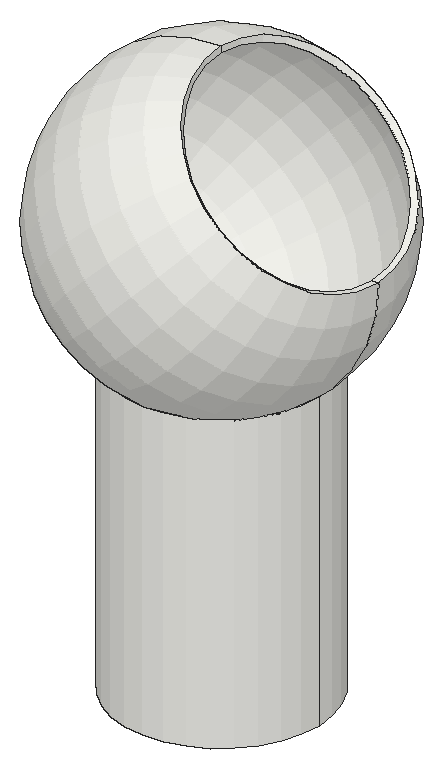
Revit family
Parameters (values of type "300 watt Incandescent")
  Wattage = 300 W
  built-in parameter 1150110 = 1 (stored number, unit not read)
  built-in parameter 1114217 = 1 (stored number, unit not read)
  built-in parameter 1150109 = 1 (stored number, unit not read)
  built-in parameter 1150134 = 4
  built-in parameter 1150113 = 1 (stored number, unit not read)
  Tilt Angle = 45.00°
  built-in parameter 1010507 = 1.5708 (stored number, unit not read)
  built-in parameter 1010506 = 0.5236 (stored number, unit not read)
  built-in parameter 1150105 = 12036.8 (stored number, unit not read)
  built-in parameter 1150115 = 1 (stored number, unit not read)
  Light Source Symbol Length = 2000 mm
  built-in parameter 1150137 = (empty or 0)
  built-in parameter 1150139 = (empty or 0)
  built-in parameter 1150112 = 1 (stored number, unit not read)
  built-in parameter 1150114 = 1 (stored number, unit not read)
  Lamp = "PS-30"
  Lumens = 3600 lm
  Shade = Metal - Paint Finish - Ivory, Glossy
  Stand = Metal - Paint Finish - Ivory, Glossy
  Wattage Comments = "300"
  built-in parameter 1150132 = (empty or 0)
  built-in parameter 1150102 = (empty or 0)
  built-in parameter 1150107 = 2800 (stored number, unit not read)
  built-in parameter 1150138 = (empty or 0)
  built-in parameter 1150106 = 120.37 (stored number, unit not read)
  built-in parameter 1150104 = 1.1148 (stored number, unit not read)
  Dimming Lamp Color Temperature Shift = (empty or 0)
  Color Filter = 16777215
  built-in parameter 1114218 = 1 (stored number, unit not read)
  built-in parameter 1150133 = 10 (stored number, unit not read)
Types (3, lengths in mm): name | Wattage | built-in parameter 1150134 | built-in parameter 1150105 | Light Source Symbol Length | Lamp | Lumens | Shade | Wattage Comments | built-in parameter 1150107 | built-in parameter 1150106 | built-in parameter 1150104
  (no name) | 300 W | 4 | 12036.8 (stored number, unit not read) | 2000 | "PS-30" | 3600 lm | Metal - Paint Finish - Ivory, Glossy | "300" | 2800 (stored number, unit not read) | 120.37 (stored number, unit not read) | 1.1148 (stored number, unit not read)
  300 watt Incandescent | 300 W | 4 | 12036.8 (stored number, unit not read) | 2000 | "PS-30" | 3600 lm | Metal - Paint Finish - Ivory, Glossy | "300" | 2800 (stored number, unit not read) | 120.37 (stored number, unit not read) | 1.1148 (stored number, unit not read)
  175 watt Metal Halide | 175 W | 12 | 46810 (stored number, unit not read) | 3048 | "BT-28" | 14000 lm | Metal - Paint Finish - Dark Gray, Matte | "175" | 4000 (stored number, unit not read) | 468.1 (stored number, unit not read) | 7.4322 (stored number, unit not read)
Reference planes
  plane 1 "Light Source Axis": y = 0
  plane 2: z = 0
  plane 3 "Light Source Axis": x = 0
  plane 4 "Light Source Elevation": z = 431.8
Forms (mm)
  Extrusion 1, solid, material "Metal - Paint Finish - Ivory, Glossy" <- "Stand"
    sketch origin (0, 0, 0) x (1, 0, 0) y (0, 1, 0)
      loop
        circle (0, 0) r 101.6
      loop
        circle (0, 0) r 76.2
    from 0 to 304.8
  Revolve 2, solid, material "Metal - Paint Finish - Ivory, Glossy" <- "Shade"
    sketch origin (0, 0, 0) x (1, 0, 0) y (0, 0, 1)
      loop
        arc (0, 594.439) -> (-150.259, 494.039) -> (-115.003, 316.797) r 162.639
        line (-115.003, 316.797) -> (-110.513, 321.287)
        arc (-110.513, 321.287) -> (-144.393, 491.609) -> (0, 588.089) r 156.289
        line (0, 588.089) -> (0, 594.439)
      axis (-115.003, 316.797) -> (81.32, 513.12)
    angle from 0 to 360
Lines and regions (mm)
  symbolic lines
    curve 1: arc (163.606, 0, 0) -> (0, 163.606, 0) -> (-163.606, 0, 0) r 163.606
    curve 2: arc (-163.606, 0, 0) -> (0, -163.606, 0) -> (163.606, 0, 0) r 163.606
    curve 3: line (0, 26.672, 0) -> (200.224, 142.272, 0)
    curve 4: line (0, -22.013, 0) -> (198.998, -136.905, 0)
    curve 5: line (0, 26.672, 0) -> (0, -22.013, 0)
    curve 6: arc (200.224, 142.272, 0) -> (249.229, 2.466, 0) -> (198.998, -136.905, 0) r 221.16
Dimensions and locks
  aligned and locked: plane 1 "Light Source Axis" to imposter light
  aligned and locked: imposter light to plane 4 "Light Source Elevation"
  aligned and locked: imposter light to plane 3 "Light Source Axis"
